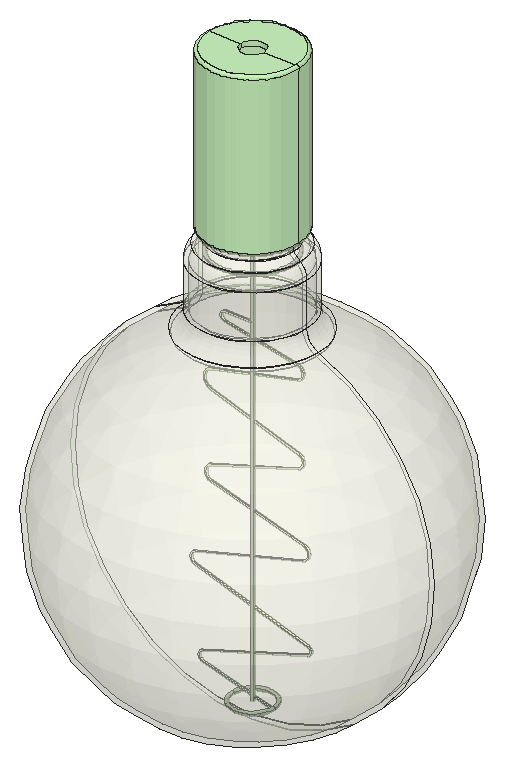
Revit family "LGB8", category Lighting Fixtures, Revit 2024
Family settings
  Round Connector Dimension = Use Diameter
  Part Type = Normal
  OmniClass Number = 23.80.70.00
  OmniClass Title = Lighting
  Work Plane-Based = No
  Always vertical = Yes
  Cut with Voids When Loaded = No
  Light Source = No
  Maintain Annotation Orientation = No
  Shared = No
  Room Calculation Point = No
Parameters
  Default Elevation = 0' - 0"
Reference planes (in)
  plane 1 "Light Source Axis (F/B)": y = 0
  plane 2: z = 0
  plane 3 "Light Source Axis (L/R)": x = 0
  plane 4 "Light Source Elevation": z = 54
Forms (in)
  Revolve 1, solid, material "18"
    sketch origin (0, 0, -0.9744) x (1, 0, 0) y (0, 0, 1)
      loop
        arc (-0.9375, 68) -> (-0.98169, 67.98169) -> (-1, 67.9375) r 0.0625
        line (-1, 67.9375) -> (-1, 64.5625)
        arc (-1, 64.5625) -> (-0.98169, 64.51831) -> (-0.9375, 64.5) r 0.0625
        line (-0.9375, 64.5) -> (-0.90625, 64.5) -> (-0.90625, 67.90625) -> (-0.25, 67.90625) -> (-0.25, 68) -> (-0.9375, 68)
      axis (0, 68) -> (0, 64.5)
    angle from 0 to 360
  Revolve 2, solid, material "GENEVA BULB"
    sketch origin (0, 0, -0.9744) x (1, 0, 0) y (0, 0, 1)
      loop
        line (-0.88048, 64.35184) -> (-1.04676, 64.21181)
        arc (-1.04676, 64.21181) -> (-1.14171, 64.06708) -> (-1.175, 63.89722) r 0.45
        line (-1.175, 63.89722) -> (-1.175, 62.95335)
        arc (-1.175, 62.95335) -> (-1.24477, 62.72763) -> (-1.42976, 62.58065) r 0.4
        arc (-1.42976, 62.58065) -> (-3.86973, 58.18451) -> (0, 54.9744) r 3.9375
        line (0, 54.9744) -> (0, 55.06815)
        arc (0, 55.06815) -> (-3.77759, 58.20183) -> (-1.39571, 62.4933) r 3.84375
        arc (-1.39571, 62.4933) -> (-1.16738, 62.67472) -> (-1.08125, 62.95335) r 0.49375
        line (-1.08125, 62.95335) -> (-1.08125, 63.89722)
        arc (-1.08125, 63.89722) -> (-1.0557, 64.02971) -> (-0.9827, 64.1432) r 0.35625
        line (-0.9827, 64.1432) -> (-0.78673, 64.30823) -> (-0.78673, 65.93591) -> (-0.88048, 65.93591) -> (-0.88048, 64.35184)
      axis (0, 65.93591) -> (0, 54.9744)
    angle from 0 to 360
  Revolve 3, solid, material "INTERNAL"
    sketch origin (0, 0, -0.9744) x (1, 0, 0) y (0, 0, 1)
      loop
        circle (-0.81943, 64.07284) r 0.03201
      loop
        circle (-0.44259, 55.33568) r 0.03201
      loop
        line (-0.03125, 64.22167) -> (-0.03125, 55.34981) -> (0, 55.34981) -> (0, 64.22167) -> (-0.03125, 64.22167)
      axis (0, 64.22167) -> (0, 55.33568)
    angle from 0 to 360
  Sweep 4, solid, material "INTERNAL"
    path origin (0, 0, -0.9744) x (1, 0, 0) y (0, 0, 1)
      loop
        line (-0.25, 64.5) -> (-0.25, 64.22199) -> (0.25, 64.22199) -> (0.25, 64.5)
    profile origin (-0.25, 0, 63.38659) x (0, -1, 0) y (1, 0, 0)
      loop
        circle (0, 0) r 0.0312
  Extrusion 5, solid, material "LIGHT"
    sketch origin (0, 0, -0.9744) x (1, 0, 0) y (0, 0, 1)
      loop
        line (-0.03125, 62.67154) -> (-0.03125, 62.70279) -> (-0.58206, 62.70279)
        arc (-0.58206, 62.70279) -> (-0.6944, 62.60075) -> (-0.6036, 62.47914) r 0.11286
        line (-0.6036, 62.47914) -> (0.9749, 62.17231)
        arc (0.9749, 62.17231) -> (1.07916, 62.04806) -> (0.9793, 61.92024) r 0.12887
        line (0.9793, 61.92024) -> (-0.88609, 61.48958)
        arc (-0.88609, 61.48958) -> (-1.05815, 61.28171) -> (-0.90277, 61.06109) r 0.22221
        line (-0.90277, 61.06109) -> (0.99133, 60.46544)
        arc (0.99133, 60.46544) -> (1.0886, 60.33234) -> (0.99027, 60.20001) r 0.13895
        line (0.99027, 60.20001) -> (-0.89784, 59.62276)
        arc (-0.89784, 59.62276) -> (-1.02831, 59.44318) -> (-0.89165, 59.26827) r 0.18442
        line (-0.89165, 59.26827) -> (1.09042, 58.73717)
        arc (1.09042, 58.73717) -> (1.20274, 58.59081) -> (1.09042, 58.44444) r 0.15153
        line (1.09042, 58.44444) -> (-1.2336, 57.82172)
        arc (-1.2336, 57.82172) -> (-1.34398, 57.68044) -> (-1.2386, 57.5354) r 0.14895
        line (-1.2386, 57.5354) -> (1.20361, 56.78874)
        arc (1.20361, 56.78874) -> (1.25407, 56.72055) -> (1.20361, 56.65236) r 0.07131
        line (1.20361, 56.65236) -> (-1.0852, 55.9526)
        arc (-1.0852, 55.9526) -> (-1.17129, 55.83411) -> (-1.08111, 55.71869) r 0.12169
        line (-1.08111, 55.71869) -> (0.43006, 55.31377) -> (0.43815, 55.34396) -> (-1.07302, 55.74887)
        arc (-1.07302, 55.74887) -> (-1.14004, 55.83465) -> (-1.07606, 55.92272) r 0.09044
        line (-1.07606, 55.92272) -> (1.21274, 56.62247)
        arc (1.21274, 56.62247) -> (1.28532, 56.72055) -> (1.21274, 56.81863) r 0.10256
        line (1.21274, 56.81863) -> (-1.22946, 57.56529)
        arc (-1.22946, 57.56529) -> (-1.31273, 57.6799) -> (-1.22551, 57.79153) r 0.1177
        line (-1.22551, 57.79153) -> (1.09851, 58.41425)
        arc (1.09851, 58.41425) -> (1.23399, 58.59081) -> (1.09851, 58.76736) r 0.18278
        line (1.09851, 58.76736) -> (-0.88357, 59.29845)
        arc (-0.88357, 59.29845) -> (-0.99707, 59.44373) -> (-0.8887, 59.59287) r 0.15317
        line (-0.8887, 59.59287) -> (0.99941, 60.17013)
        arc (0.99941, 60.17013) -> (1.11985, 60.33221) -> (1.00071, 60.49525) r 0.1702
        line (1.00071, 60.49525) -> (-0.89339, 61.0909)
        arc (-0.89339, 61.0909) -> (-1.02692, 61.28049) -> (-0.87906, 61.45913) r 0.19096
        line (-0.87906, 61.45913) -> (0.98633, 61.88979)
        arc (0.98633, 61.88979) -> (1.11041, 62.0486) -> (0.98086, 62.20299) r 0.16012
        line (0.98086, 62.20299) -> (-0.59763, 62.50982)
        arc (-0.59763, 62.50982) -> (-0.6633, 62.59775) -> (-0.58206, 62.67154) r 0.08161
        line (-0.58206, 62.67154) -> (-0.03125, 62.67154)
    from 0.01562 to -0.01562
Dimensions and locks (in)
  aligned and locked: level to plane 2
